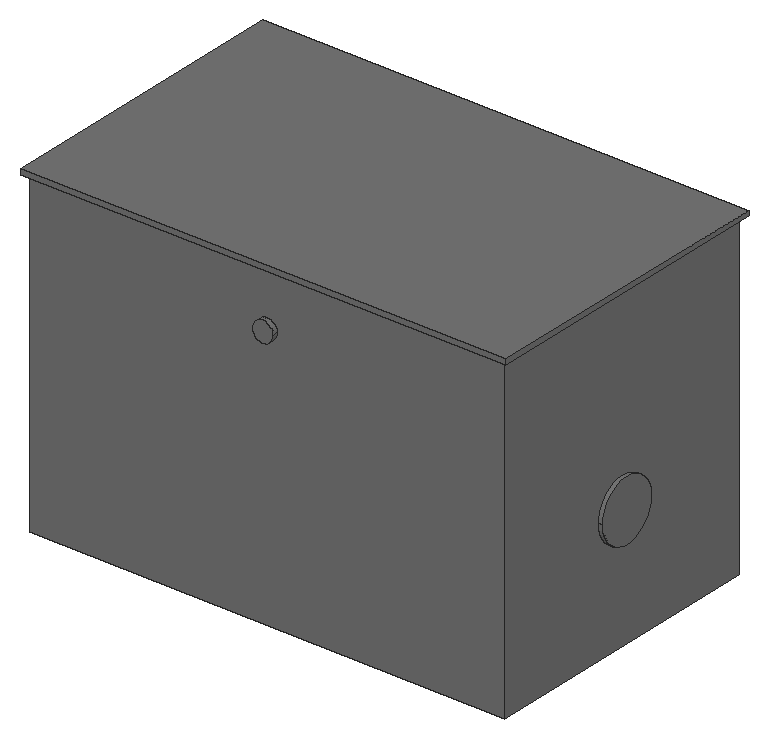
Revit family
Parameters (values of type "8910-100T06")
  Weight (lb) = 300
  Waste Connection = no
  Warranty = "1 year material and workmanship"  # constant formula
  Vent Connection = no
  URL = "http://www.jrsmith.com"
  Technical and Installation = "http://www.jrsmith.com/products/inter/tech_data_index.htm"
  SmartBIM Object Version = 3  # constant formula
  SmartBIM Object Created By = "Reed Construction Data"  # constant formula
  Product URL = "http://www.jrsmith.com/products/inter/submittal/d8910.pdf"
  Optional Vent Connection = "2"  # constant formula
  OmniClass Title = "Fats, Oils, and Grease Disposal Systems"  # constant formula
  OmniClass Code = "22-22 13 19 23"  # constant formula
  Offset From Floor [instance] = 0"
  Model = "8910"  # constant formula
  Material Finish = Duco coated
  Material = Alluminum Paint Dark Gray
  Manufacturer = "Jay R. Smith Mfg. Co. "  # constant formula
  Inlet and Outlet Diameter = 6"
  Inlet and Outlet Radius = Inlet and Outlet Diameter / 2  # 3"
  HW Connection = no
  F = 8"
  E = 12"
  D = 12"
  Capacity(Static)Gals. = ""
  GPM Flow Max = "100"
  Description = "Lint and Sediment Interceptor"  # constant formula
  Default Elevation = 0"
  CW Connection = no
  Assembly Code = "D2030400"
  Action = ""
  95 CSI = "15155"  # constant formula
  04 CSI = "22 13 29"  # constant formula
Types (9): name | Weight (lb) | Inlet and Outlet Diameter | Inlet and Outlet Radius | F | D | GPM Flow Max
  (no name) | 300 | 6" | 3" | 8" | 12" | "100"
  8910-20T04 | 235 | 4" | 2" | 8" | 12" | "20"
  8910-25T04 | 240 | 4" | 2" | 8" | 12" | "25"
  8910-50T04 | 282 | 4" | 2" | 8" | 12" | "50"
  8910-100T06 | 300 | 6" | 3" | 8" | 12" | "100"
  8910-150T06 | 530 | 6" | 3" | 8" | 24" | "150"
  8910-200T06 | 585 | 6" | 3" | 12" | 24" | "200"
  8910-350T06 | 776 | 6" | 3" | 12" | 24" | "350"
  8910500T06 | 0 | 6" | 3" | 12" | 36" | "500"
Reference planes (in)
  plane 1 "Center (Front/Back)": y = -1.86143
  plane 2: z = 0
  plane 3 "Center (Left/Right)": x = -3.77936
  plane 4: x = -27.77936
  plane 5: x = 20.22064
  plane 6: z = 0
  plane 7: y = 12.63857
  plane 8: y = -16.36143
  plane 9: z = -0.5
  plane 10: x = -27.27936
  plane 11: z = -32
  plane 12: x = 19.72064
  plane 13: y = 7.01357
  plane 14: z = -20
  plane 15: z = -8
  plane 16: y = -16.86143
  plane 17: y = 13.13857
  plane 18: z = -6
  plane 19: z = -32.25
Forms (in)
  Sweep 1, solid, material "Alluminum Paint Dark Gray" <- "Material", detail levels fine
    path origin (0, 0, 0) x (1, 0, 0) y (0, 1, 0)
      loop
        line (-27.27936, -16.36143) -> (19.72064, -16.36143) -> (19.72064, 12.63857) -> (-27.27936, 12.63857) -> (-27.27936, -16.36143)
    profile origin (-27.27936, -1.86143, 0) x (-1, 0, 0) y (0, 0, 1)
      loop
        line (0.5, -0.5) -> (0.5, 0) -> (0.25, 0) -> (-0.25, 0) -> (-0.25, -32.25) -> (0, -32.25) -> (0, -0.5) -> (0.5, -0.5)
  Extrusion 2, solid, material "Alluminum Paint Dark Gray" <- "Material", detail levels fine
    sketch origin (0, 0, 0) x (1, 0, 0) y (0, 1, 0)
      loop
        line (-27.02936, 12.38857) -> (-27.02936, -16.11143) -> (19.47064, -16.11143) -> (19.47064, 12.38857) -> (-27.02936, 12.38857)
    from -32.25 to -32
  Extrusion 3, solid, material "Alluminum Paint Dark Gray" <- "Material", detail levels fine
    sketch origin (-3.77936, 0, 0) x (0, 1, 0) y (0, 0, 1)
      loop
        circle (-1.86143, -20) r 3
    from 23.5 to 24
  Extrusion 4, solid, material "Alluminum Paint Dark Gray" <- "Material", detail levels fine
    sketch origin (-3.77936, 0, 0) x (0, 1, 0) y (0, 0, 1)
      loop
        circle (-1.86143, -8) r 3
    from -24 to -23.5
  Extrusion 5, solid, material "Alluminum Paint Dark Gray" <- "Material", detail levels fine
    sketch origin (0, 0, 0) x (1, 0, 0) y (0, 1, 0)
      loop
        line (-27.02936, -16.11143) -> (19.47064, -16.11143) -> (19.47064, 12.38857) -> (-27.02936, 12.38857) -> (-27.02936, -16.11143)
    from -0.5 to 0
  Extrusion 6, solid, material "Alluminum Paint Dark Gray" <- "Material", detail levels fine
    sketch origin (0, -1.86143, 0) x (1, 0, 0) y (0, 0, 1)
      loop
        circle (-3.77936, -6) r 1
    from 14.5 to 15
Cuts and joins
  joined: Sweep 1, Extrusion 2, Extrusion 5, Extrusion 6
Lines and regions (in)
  model lines, detail levels coarse+medium
    curve 1: line (-27.77936, -1.86143, -8) -> (20.22064, -1.86143, -20)
    curve 2: line (-27.77936, 0.13857, -8) -> (-27.77936, -3.86143, -8)
    curve 3: line (20.22064, -4.86143, -20) -> (20.22064, 1.13857, -20)
Dimensions and locks (in)
  equal spacing: plane 4, plane 3 "Center (Left/Right)", plane 5
  locked: plane 4 to plane 5 at 48
  level to plane 11 = 32"
  locked: plane 5 to plane 12 at 0.5
  locked: plane 4 to plane 10 at 0.5
  locked: plane 6 to plane 9 at 0.5
  "D": plane 14 to plane 11
  "E": plane 15 to plane 14
  "F": plane 6 to plane 15
  locked: plane 17 to plane 7 at 0.5
  locked: plane 8 to plane 16 at 0.5
  equal spacing: plane 17, plane 1 "Center (Front/Back)", plane 16
  locked: plane 17 to plane 16 at 30
  locked: plane 6 to plane 18 at 6
  locked: plane 11 to plane 19 at 0.25
  "Offset From Floor": plane 6 to plane 2
  equal spacing: curve 3, plane 1 "Center (Front/Back)", curve 3
  "Inlet and Outlet Diameter": curve 3 to curve 3
  equal spacing: curve 2, plane 1 "Center (Front/Back)", curve 2
  "Inlet and Outlet Radius": radius of Extrusion 4 sketch curve
  radius of Extrusion 3 sketch curve = 3"
  locked: curve 1 to plane 15 (angle 14.0362°)
  aligned and locked: plane 4 to Sweep 1 sketch curve
  aligned and locked: Sweep 1 sketch curve to plane 9
  aligned and locked: Sweep 1 sketch curve to plane 10
  aligned and locked: plane 6 to Sweep 1 sketch curve  (x2)
  aligned and locked: Sweep 1 sketch curve to plane 7
  aligned and locked: plane 8 to Sweep 1 sketch curve
  aligned and locked: Extrusion 2 sketch curve to Sweep 1  (x4)
  aligned and locked: plane 11 to Extrusion 2
  aligned and locked: Extrusion 3 to plane 12
  aligned and locked: Extrusion 3 to plane 5
  aligned and locked: plane 1 "Center (Front/Back)" to Extrusion 4 sketch curve
  aligned and locked: plane 4 to Extrusion 4
  aligned and locked: Extrusion 4 to plane 10
  aligned and locked: Extrusion 5 sketch curve to Sweep 1  (x4)
  aligned and locked: Extrusion 5 to plane 9
  aligned and locked: plane 6 to Extrusion 5
  aligned and locked: Extrusion 3 sketch curve to plane 1 "Center (Front/Back)"
  aligned and locked: plane 14 to Extrusion 3 sketch curve
  aligned and locked: plane 15 to Extrusion 4 sketch curve
  aligned and locked: Extrusion 6 to plane 16
  aligned and locked: Extrusion 6 to plane 8
  aligned and locked: Sweep 1 sketch curve to plane 19
  aligned and locked: Extrusion 2 to plane 19
  aligned and locked: Extrusion 4 to curve 1
  aligned and locked: Extrusion 3 to curve 1
  aligned and locked: curve 1 to Extrusion 4
  aligned and locked: Extrusion 4 to curve 2
  aligned and locked: curve 3 to Extrusion 3
Automatic sketch dimensions
  Sweep 1 sketch curve to plane 10 = 0"
  profile plane to Sweep 1 sketch curve = 1/4"
  Sweep 1 sketch curve to Sweep 1 sketch curve = 1/4"
  Sweep 1 sketch curve to Sweep 1 sketch curve = 0"
  Sweep 1 sketch curve to plane 12 = 0"
  Extrusion 6 sketch curve to plane 3 "Center (Left/Right)" = 0"
  Extrusion 6 sketch curve to plane 18 = 0"
  curve 2 to curve 2 = 4"
  curve 3 to curve 3 = 6"
  radius of Extrusion 6 sketch curve = 1"
Connectors (in)
  piping at (-27.77936, -1.86143, -8), driven by "Inlet and Outlet Radius"
    settings: on Extrusion 4, index 1
  piping at (20.22064, -1.86143, -20), driven by "Inlet and Outlet Radius"
    settings: on Extrusion 3, index 2
